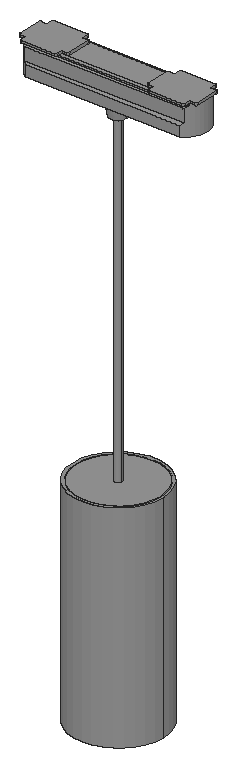
Revit family "Artemide_Vector_PendantMagnetic", category Lighting Fixtures, Revit 2018 (continued)
Types (135, lengths in mm): name | Radius_Lamp | M_Track | M_TopCap | M_Housing | M_Fixings | Wattage  | Rated Lamp Life | Product Model Number | Overall Length | Overall Height | Output Lumens Direct light | Initial Lumens | Housing Colour  | Distance_HeightLamp | Colour Temperature
  Vector_PendantMagnetic_55_22°_4000K_DALI_Black_AP35204 | 27.5 | Artemide_Aluminum_Black | Artemide_Aluminum_Black | Artemide_Aluminum_Black | Artemide_Aluminum_Black | 26 | 50000 | "AP35204" | 55 | 130 | 1465 | 1465 | "Black" | 131.5 | 4000
  Vector_PendantMagnetic_55_32°_2700K_DALI_Black_AP31304 | 27.5 | Artemide_Aluminum_Black | Artemide_Aluminum_Black | Artemide_Aluminum_Black | Artemide_Aluminum_Black | 26 | 50000 | "AP31304" | 55 | 130 | 1596 | 1596 | "Black" | 131.5 | 2700
  Vector_PendantMagnetic_55_32°_3000K_DALI_Black_AP30304 | 27.5 | Artemide_Aluminum_Black | Artemide_Aluminum_Black | Artemide_Aluminum_Black | Artemide_Aluminum_Black | 26 | 50000 | "AP30304" | 55 | 130 | 1596 | 1596 | "Black" | 131.5 | 3000
  Vector_PendantMagnetic_55_32°_4000K_DALI_Black_AP35304 | 27.5 | Artemide_Aluminum_Black | Artemide_Aluminum_Black | Artemide_Aluminum_Black | Artemide_Aluminum_Black | 26 | 50000 | "AP35304" | 55 | 130 | 1596 | 1596 | "Black" | 131.5 | 4000
  Vector_PendantMagnetic_55_16°_2700K_DALI_BrushedCopper_AP31118 | 27.5 | Artemide_Aluminum_Black | Artemide_Aluminum_BrushedCopper | Artemide_Aluminum_BrushedCopper | Artemide_Aluminum_Black | 26 | 50000 | "AP31118" | 55 | 130 | 1492 | 1492 | "Brushed Copper" | 131.5 | 2700
  Vector_PendantMagnetic_55_16°_3000K_DALI_BrushedCopper_AP30118 | 27.5 | Artemide_Aluminum_Black | Artemide_Aluminum_BrushedCopper | Artemide_Aluminum_BrushedCopper | Artemide_Aluminum_Black | 26 | 50000 | "AP30118" | 55 | 130 | 1492 | 1492 | "Brushed Copper" | 131.5 | 3000
  Vector_PendantMagnetic_55_16°_4000K_DALI_BrushedCopper_AP35118 | 27.5 | Artemide_Aluminum_Black | Artemide_Aluminum_BrushedCopper | Artemide_Aluminum_BrushedCopper | Artemide_Aluminum_Black | 26 | 50000 | "AP35118" | 55 | 130 | 1492 | 1492 | "Brushed Copper" | 131.5 | 4000
  Vector_PendantMagnetic_55_22°_2700K_DALI_BrushedCopper_AP31218 | 27.5 | Artemide_Aluminum_Black | Artemide_Aluminum_BrushedCopper | Artemide_Aluminum_BrushedCopper | Artemide_Aluminum_Black | 26 | 50000 | "AP31218" | 55 | 130 | 1465 | 1465 | "Brushed Copper" | 131.5 | 2700
  Vector_PendantMagnetic_55_22°_3000K_DALI_BrushedCopper_AP30218 | 27.5 | Artemide_Aluminum_Black | Artemide_Aluminum_BrushedCopper | Artemide_Aluminum_BrushedCopper | Artemide_Aluminum_Black | 26 | 50000 | "AP30218" | 55 | 130 | 1465 | 1465 | "Brushed Copper" | 131.5 | 3000
  Vector_PendantMagnetic_55_22°_4000K_DALI_BrushedCopper_AP35218 | 27.5 | Artemide_Aluminum_Black | Artemide_Aluminum_BrushedCopper | Artemide_Aluminum_BrushedCopper | Artemide_Aluminum_Black | 26 | 50000 | "AP35218" | 55 | 130 | 1465 | 1465 | "Brushed Copper" | 131.5 | 4000
  Vector_PendantMagnetic_55_32°_2700K_DALI_BrushedCopper_AP31318 | 27.5 | Artemide_Aluminum_Black | Artemide_Aluminum_BrushedCopper | Artemide_Aluminum_BrushedCopper | Artemide_Aluminum_Black | 26 | 50000 | "AP31318" | 55 | 130 | 1596 | 1596 | "Brushed Copper" | 131.5 | 2700
  Vector_PendantMagnetic_55_32°_3000K_DALI_BrushedCopper_AP30318 | 27.5 | Artemide_Aluminum_Black | Artemide_Aluminum_BrushedCopper | Artemide_Aluminum_BrushedCopper | Artemide_Aluminum_Black | 26 | 50000 | "AP30318" | 55 | 130 | 1596 | 1596 | "Brushed Copper" | 131.5 | 3000
  Vector_PendantMagnetic_55_32°_4000K_DALI_BrushedCopper_AP35318 | 27.5 | Artemide_Aluminum_Black | Artemide_Aluminum_BrushedCopper | Artemide_Aluminum_BrushedCopper | Artemide_Aluminum_Black | 26 | 50000 | "AP35318" | 55 | 130 | 1596 | 1596 | "Brushed Copper" | 131.5 | 4000
